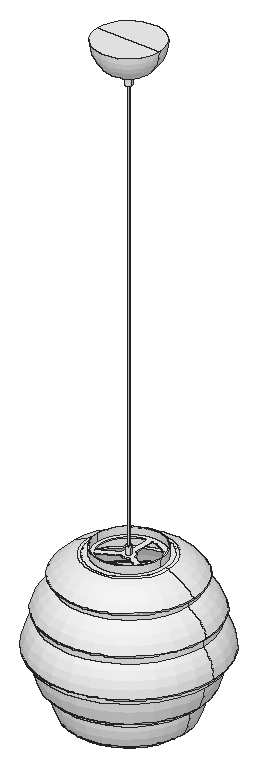
Revit family "Artek_Lighting_Pendant Light A331 “Beehive“_A331 Beehive_quick_ship", category Lighting Fixtures, Revit 2018 (continued)
Definition of nested family "A331"
  Lines and regions (mm)
    symbolic lines, detail levels fine
      curve 576: spline (0, 94.27, 235.593) -> (0, 93.945, 235.797) -> (0, 93.642, 236.396) -> (0, 93.382, 237.348) -> (0, 93.183, 238.588) -> (0, 93.057, 240.033) -> (0, 93.014, 241.583) -> (0, 93.057, 243.134) -> (0, 93.183, 244.578) -> (0, 93.382, 245.819) -> (0, 93.642, 246.771) -> (0, 93.945, 247.369) -> (0, 94.27, 247.573) -> (0, 94.595, 247.369) -> (0, 94.898, 246.771) -> (0, 95.158, 245.819) -> (0, 95.358, 244.578) -> (0, 95.483, 243.134) -> (0, 95.526, 241.583) -> (0, 95.483, 240.033) -> (0, 95.358, 238.588) -> (0, 95.158, 237.348) -> (0, 94.898, 236.396) -> (0, 94.595, 235.797) -> (0, 94.27, 235.593)
      curve 577: spline (0, 98.281, 235.593) -> (0, 97.956, 235.797) -> (0, 97.654, 236.396) -> (0, 97.394, 237.348) -> (0, 97.194, 238.588) -> (0, 97.069, 240.033) -> (0, 97.026, 241.583) -> (0, 97.069, 243.134) -> (0, 97.194, 244.578) -> (0, 97.394, 245.819) -> (0, 97.654, 246.771) -> (0, 97.956, 247.369) -> (0, 98.281, 247.573) -> (0, 98.607, 247.369) -> (0, 98.909, 246.771) -> (0, 99.169, 245.819) -> (0, 99.369, 244.578) -> (0, 99.494, 243.134) -> (0, 99.537, 241.583) -> (0, 99.494, 240.033) -> (0, 99.369, 238.588) -> (0, 99.169, 237.348) -> (0, 98.909, 236.396) -> (0, 98.607, 235.797) -> (0, 98.281, 235.593)
      curve 578: spline (0, 102.293, 235.593) -> (0, 101.968, 235.797) -> (0, 101.665, 236.396) -> (0, 101.405, 237.348) -> (0, 101.205, 238.588) -> (0, 101.08, 240.033) -> (0, 101.037, 241.583) -> (0, 101.08, 243.134) -> (0, 101.205, 244.578) -> (0, 101.405, 245.819) -> (0, 101.665, 246.771) -> (0, 101.968, 247.369) -> (0, 102.293, 247.573) -> (0, 102.618, 247.369) -> (0, 102.921, 246.771) -> (0, 103.181, 245.819) -> (0, 103.38, 244.578) -> (0, 103.506, 243.134) -> (0, 103.549, 241.583) -> (0, 103.506, 240.033) -> (0, 103.38, 238.588) -> (0, 103.181, 237.348) -> (0, 102.921, 236.396) -> (0, 102.618, 235.797) -> (0, 102.293, 235.593)
      curve 579: spline (0, 106.304, 235.593) -> (0, 105.979, 235.797) -> (0, 105.677, 236.396) -> (0, 105.417, 237.348) -> (0, 105.217, 238.588) -> (0, 105.092, 240.033) -> (0, 105.049, 241.583) -> (0, 105.092, 243.134) -> (0, 105.217, 244.578) -> (0, 105.417, 245.819) -> (0, 105.677, 246.771) -> (0, 105.979, 247.369) -> (0, 106.304, 247.573) -> (0, 106.629, 247.369) -> (0, 106.932, 246.771) -> (0, 107.192, 245.819) -> (0, 107.392, 244.578) -> (0, 107.517, 243.134) -> (0, 107.56, 241.583) -> (0, 107.517, 240.033) -> (0, 107.392, 238.588) -> (0, 107.192, 237.348) -> (0, 106.932, 236.396) -> (0, 106.629, 235.797) -> (0, 106.304, 235.593)
      curve 580: spline (0, 110.316, 235.593) -> (0, 109.991, 235.797) -> (0, 109.688, 236.396) -> (0, 109.428, 237.348) -> (0, 109.228, 238.588) -> (0, 109.103, 240.033) -> (0, 109.06, 241.583) -> (0, 109.103, 243.134) -> (0, 109.228, 244.578) -> (0, 109.428, 245.819) -> (0, 109.688, 246.771) -> (0, 109.991, 247.369) -> (0, 110.316, 247.573) -> (0, 110.641, 247.369) -> (0, 110.944, 246.771) -> (0, 111.204, 245.819) -> (0, 111.403, 244.578) -> (0, 111.529, 243.134) -> (0, 111.572, 241.583) -> (0, 111.529, 240.033) -> (0, 111.403, 238.588) -> (0, 111.204, 237.348) -> (0, 110.944, 236.396) -> (0, 110.641, 235.797) -> (0, 110.316, 235.593)
      curve 581: spline (0, 114.327, 235.593) -> (0, 114.002, 235.797) -> (0, 113.7, 236.396) -> (0, 113.44, 237.348) -> (0, 113.24, 238.588) -> (0, 113.115, 240.033) -> (0, 113.072, 241.583) -> (0, 113.115, 243.134) -> (0, 113.24, 244.578) -> (0, 113.44, 245.819) -> (0, 113.7, 246.771) -> (0, 114.002, 247.369) -> (0, 114.327, 247.573) -> (0, 114.652, 247.369) -> (0, 114.955, 246.771) -> (0, 115.215, 245.819) -> (0, 115.415, 244.578) -> (0, 115.54, 243.134) -> (0, 115.583, 241.583) -> (0, 115.54, 240.033) -> (0, 115.415, 238.588) -> (0, 115.215, 237.348) -> (0, 114.955, 236.396) -> (0, 114.652, 235.797) -> (0, 114.327, 235.593)
      curve 582: spline (0, -2.006, 235.593) -> (0, -1.681, 235.797) -> (0, -1.378, 236.396) -> (0, -1.118, 237.348) -> (0, -0.918, 238.588) -> (0, -0.793, 240.033) -> (0, -0.75, 241.583) -> (0, -0.793, 243.134) -> (0, -0.918, 244.578) -> (0, -1.118, 245.819) -> (0, -1.378, 246.771) -> (0, -1.681, 247.369) -> (0, -2.006, 247.573) -> (0, -2.331, 247.369) -> (0, -2.634, 246.771) -> (0, -2.894, 245.819) -> (0, -3.093, 244.578) -> (0, -3.219, 243.134) -> (0, -3.261, 241.583) -> (0, -3.219, 240.033) -> (0, -3.093, 238.588) -> (0, -2.894, 237.348) -> (0, -2.634, 236.396) -> (0, -2.331, 235.797) -> (0, -2.006, 235.593)
      curve 583: spline (0, -6.017, 235.593) -> (0, -5.692, 235.797) -> (0, -5.389, 236.396) -> (0, -5.129, 237.348) -> (0, -4.93, 238.588) -> (0, -4.804, 240.033) -> (0, -4.761, 241.583) -> (0, -4.804, 243.134) -> (0, -4.93, 244.578) -> (0, -5.129, 245.819) -> (0, -5.389, 246.771) -> (0, -5.692, 247.369) -> (0, -6.017, 247.573) -> (0, -6.342, 247.369) -> (0, -6.645, 246.771) -> (0, -6.905, 245.819) -> (0, -7.105, 244.578) -> (0, -7.23, 243.134) -> (0, -7.273, 241.583) -> (0, -7.23, 240.033) -> (0, -7.105, 238.588) -> (0, -6.905, 237.348) -> (0, -6.645, 236.396) -> (0, -6.342, 235.797) -> (0, -6.017, 235.593)
      curve 584: spline (0, -10.029, 235.593) -> (0, -9.704, 235.797) -> (0, -9.401, 236.396) -> (0, -9.141, 237.348) -> (0, -8.941, 238.588) -> (0, -8.816, 240.033) -> (0, -8.773, 241.583) -> (0, -8.816, 243.134) -> (0, -8.941, 244.578) -> (0, -9.141, 245.819) -> (0, -9.401, 246.771) -> (0, -9.704, 247.369) -> (0, -10.029, 247.573) -> (0, -10.354, 247.369) -> (0, -10.657, 246.771) -> (0, -10.917, 245.819) -> (0, -11.116, 244.578) -> (0, -11.242, 243.134) -> (0, -11.284, 241.583) -> (0, -11.242, 240.033) -> (0, -11.116, 238.588) -> (0, -10.917, 237.348) -> (0, -10.657, 236.396) -> (0, -10.354, 235.797) -> (0, -10.029, 235.593)
      curve 585: spline (0, -14.04, 235.593) -> (0, -13.715, 235.797) -> (0, -13.412, 236.396) -> (0, -13.152, 237.348) -> (0, -12.953, 238.588) -> (0, -12.827, 240.033) -> (0, -12.784, 241.583) -> (0, -12.827, 243.134) -> (0, -12.953, 244.578) -> (0, -13.152, 245.819) -> (0, -13.412, 246.771) -> (0, -13.715, 247.369) -> (0, -14.04, 247.573) -> (0, -14.365, 247.369) -> (0, -14.668, 246.771) -> (0, -14.928, 245.819) -> (0, -15.128, 244.578) -> (0, -15.253, 243.134) -> (0, -15.296, 241.583) -> (0, -15.253, 240.033) -> (0, -15.128, 238.588) -> (0, -14.928, 237.348) -> (0, -14.668, 236.396) -> (0, -14.365, 235.797) -> (0, -14.04, 235.593)
      curve 586: spline (0, -18.052, 235.593) -> (0, -17.727, 235.797) -> (0, -17.424, 236.396) -> (0, -17.164, 237.348) -> (0, -16.964, 238.588) -> (0, -16.839, 240.033) -> (0, -16.796, 241.583) -> (0, -16.839, 243.134) -> (0, -16.964, 244.578) -> (0, -17.164, 245.819) -> (0, -17.424, 246.771) -> (0, -17.727, 247.369) -> (0, -18.052, 247.573) -> (0, -18.377, 247.369) -> (0, -18.68, 246.771) -> (0, -18.94, 245.819) -> (0, -19.139, 244.578) -> (0, -19.265, 243.134) -> (0, -19.307, 241.583) -> (0, -19.265, 240.033) -> (0, -19.139, 238.588) -> (0, -18.94, 237.348) -> (0, -18.68, 236.396) -> (0, -18.377, 235.797) -> (0, -18.052, 235.593)
      curve 587: spline (0, -22.063, 235.593) -> (0, -21.738, 235.797) -> (0, -21.435, 236.396) -> (0, -21.175, 237.348) -> (0, -20.976, 238.588) -> (0, -20.85, 240.033) -> (0, -20.807, 241.583) -> (0, -20.85, 243.134) -> (0, -20.976, 244.578) -> (0, -21.175, 245.819) -> (0, -21.435, 246.771) -> (0, -21.738, 247.369) -> (0, -22.063, 247.573) -> (0, -22.388, 247.369) -> (0, -22.691, 246.771) -> (0, -22.951, 245.819) -> (0, -23.151, 244.578) -> (0, -23.276, 243.134) -> (0, -23.319, 241.583) -> (0, -23.276, 240.033) -> (0, -23.151, 238.588) -> (0, -22.951, 237.348) -> (0, -22.691, 236.396) -> (0, -22.388, 235.797) -> (0, -22.063, 235.593)
      curve 588: spline (0, -26.075, 235.593) -> (0, -25.75, 235.797) -> (0, -25.447, 236.396) -> (0, -25.187, 237.348) -> (0, -24.987, 238.588) -> (0, -24.862, 240.033) -> (0, -24.819, 241.583) -> (0, -24.862, 243.134) -> (0, -24.987, 244.578) -> (0, -25.187, 245.819) -> (0, -25.447, 246.771) -> (0, -25.75, 247.369) -> (0, -26.075, 247.573) -> (0, -26.4, 247.369) -> (0, -26.703, 246.771) -> (0, -26.963, 245.819) -> (0, -27.162, 244.578) -> (0, -27.288, 243.134) -> (0, -27.33, 241.583) -> (0, -27.288, 240.033) -> (0, -27.162, 238.588) -> (0, -26.963, 237.348) -> (0, -26.703, 236.396) -> (0, -26.4, 235.797) -> (0, -26.075, 235.593)
      curve 589: spline (0, -30.086, 235.593) -> (0, -29.761, 235.797) -> (0, -29.458, 236.396) -> (0, -29.198, 237.348) -> (0, -28.999, 238.588) -> (0, -28.873, 240.033) -> (0, -28.83, 241.583) -> (0, -28.873, 243.134) -> (0, -28.999, 244.578) -> (0, -29.198, 245.819) -> (0, -29.458, 246.771) -> (0, -29.761, 247.369) -> (0, -30.086, 247.573) -> (0, -30.411, 247.369) -> (0, -30.714, 246.771) -> (0, -30.974, 245.819) -> (0, -31.174, 244.578) -> (0, -31.299, 243.134) -> (0, -31.342, 241.583) -> (0, -31.299, 240.033) -> (0, -31.174, 238.588) -> (0, -30.974, 237.348) -> (0, -30.714, 236.396) -> (0, -30.411, 235.797) -> (0, -30.086, 235.593)
      curve 590: spline (0, -34.098, 235.593) -> (0, -33.773, 235.797) -> (0, -33.47, 236.396) -> (0, -33.21, 237.348) -> (0, -33.01, 238.588) -> (0, -32.885, 240.033) -> (0, -32.842, 241.583) -> (0, -32.885, 243.134) -> (0, -33.01, 244.578) -> (0, -33.21, 245.819) -> (0, -33.47, 246.771) -> (0, -33.773, 247.369) -> (0, -34.098, 247.573) -> (0, -34.423, 247.369) -> (0, -34.726, 246.771) -> (0, -34.986, 245.819) -> (0, -35.185, 244.578) -> (0, -35.311, 243.134) -> (0, -35.353, 241.583) -> (0, -35.311, 240.033) -> (0, -35.185, 238.588) -> (0, -34.986, 237.348) -> (0, -34.726, 236.396) -> (0, -34.423, 235.797) -> (0, -34.098, 235.593)
      curve 591: spline (0, -38.109, 235.593) -> (0, -37.784, 235.797) -> (0, -37.481, 236.396) -> (0, -37.221, 237.348) -> (0, -37.022, 238.588) -> (0, -36.896, 240.033) -> (0, -36.853, 241.583) -> (0, -36.896, 243.134) -> (0, -37.022, 244.578) -> (0, -37.221, 245.819) -> (0, -37.481, 246.771) -> (0, -37.784, 247.369) -> (0, -38.109, 247.573) -> (0, -38.434, 247.369) -> (0, -38.737, 246.771) -> (0, -38.997, 245.819) -> (0, -39.197, 244.578) -> (0, -39.322, 243.134) -> (0, -39.365, 241.583) -> (0, -39.322, 240.033) -> (0, -39.197, 238.588) -> (0, -38.997, 237.348) -> (0, -38.737, 236.396) -> (0, -38.434, 235.797) -> (0, -38.109, 235.593)
      curve 592: spline (0, -42.121, 235.593) -> (0, -41.796, 235.797) -> (0, -41.493, 236.396) -> (0, -41.233, 237.348) -> (0, -41.033, 238.588) -> (0, -40.908, 240.033) -> (0, -40.865, 241.583) -> (0, -40.908, 243.134) -> (0, -41.033, 244.578) -> (0, -41.233, 245.819) -> (0, -41.493, 246.771) -> (0, -41.796, 247.369) -> (0, -42.121, 247.573) -> (0, -42.446, 247.369) -> (0, -42.749, 246.771) -> (0, -43.009, 245.819) -> (0, -43.208, 244.578) -> (0, -43.334, 243.134) -> (0, -43.376, 241.583) -> (0, -43.334, 240.033) -> (0, -43.208, 238.588) -> (0, -43.009, 237.348) -> (0, -42.749, 236.396) -> (0, -42.446, 235.797) -> (0, -42.121, 235.593)
      curve 593: spline (0, -46.132, 235.593) -> (0, -45.807, 235.797) -> (0, -45.504, 236.396) -> (0, -45.244, 237.348) -> (0, -45.045, 238.588) -> (0, -44.919, 240.033) -> (0, -44.876, 241.583) -> (0, -44.919, 243.134) -> (0, -45.045, 244.578) -> (0, -45.244, 245.819) -> (0, -45.504, 246.771) -> (0, -45.807, 247.369) -> (0, -46.132, 247.573) -> (0, -46.457, 247.369) -> (0, -46.76, 246.771) -> (0, -47.02, 245.819) -> (0, -47.22, 244.578) -> (0, -47.345, 243.134) -> (0, -47.388, 241.583) -> (0, -47.345, 240.033) -> (0, -47.22, 238.588) -> (0, -47.02, 237.348) -> (0, -46.76, 236.396) -> (0, -46.457, 235.797) -> (0, -46.132, 235.593)
      curve 594: spline (0, -50.144, 235.593) -> (0, -49.819, 235.797) -> (0, -49.516, 236.396) -> (0, -49.256, 237.348) -> (0, -49.056, 238.588) -> (0, -48.931, 240.033) -> (0, -48.888, 241.583) -> (0, -48.931, 243.134) -> (0, -49.056, 244.578) -> (0, -49.256, 245.819) -> (0, -49.516, 246.771) -> (0, -49.819, 247.369) -> (0, -50.144, 247.573) -> (0, -50.469, 247.369) -> (0, -50.771, 246.771) -> (0, -51.032, 245.819) -> (0, -51.231, 244.578) -> (0, -51.357, 243.134) -> (0, -51.399, 241.583) -> (0, -51.357, 240.033) -> (0, -51.231, 238.588) -> (0, -51.032, 237.348) -> (0, -50.771, 236.396) -> (0, -50.469, 235.797) -> (0, -50.144, 235.593)
      curve 595: spline (0, -54.155, 235.593) -> (0, -53.83, 235.797) -> (0, -53.527, 236.396) -> (0, -53.267, 237.348) -> (0, -53.068, 238.588) -> (0, -52.942, 240.033) -> (0, -52.899, 241.583) -> (0, -52.942, 243.134) -> (0, -53.068, 244.578) -> (0, -53.267, 245.819) -> (0, -53.527, 246.771) -> (0, -53.83, 247.369) -> (0, -54.155, 247.573) -> (0, -54.48, 247.369) -> (0, -54.783, 246.771) -> (0, -55.043, 245.819) -> (0, -55.243, 244.578) -> (0, -55.368, 243.134) -> (0, -55.411, 241.583) -> (0, -55.368, 240.033) -> (0, -55.243, 238.588) -> (0, -55.043, 237.348) -> (0, -54.783, 236.396) -> (0, -54.48, 235.797) -> (0, -54.155, 235.593)
      curve 596: spline (0, -58.167, 235.593) -> (0, -57.842, 235.797) -> (0, -57.539, 236.396) -> (0, -57.279, 237.348) -> (0, -57.079, 238.588) -> (0, -56.954, 240.033) -> (0, -56.911, 241.583) -> (0, -56.954, 243.134) -> (0, -57.079, 244.578) -> (0, -57.279, 245.819) -> (0, -57.539, 246.771) -> (0, -57.842, 247.369) -> (0, -58.167, 247.573) -> (0, -58.492, 247.369) -> (0, -58.794, 246.771) -> (0, -59.055, 245.819) -> (0, -59.254, 244.578) -> (0, -59.38, 243.134) -> (0, -59.422, 241.583) -> (0, -59.38, 240.033) -> (0, -59.254, 238.588) -> (0, -59.055, 237.348) -> (0, -58.794, 236.396) -> (0, -58.492, 235.797) -> (0, -58.167, 235.593)
      curve 597: spline (0, -62.178, 235.593) -> (0, -61.853, 235.797) -> (0, -61.55, 236.396) -> (0, -61.29, 237.348) -> (0, -61.091, 238.588) -> (0, -60.965, 240.033) -> (0, -60.922, 241.583) -> (0, -60.965, 243.134) -> (0, -61.091, 244.578) -> (0, -61.29, 245.819) -> (0, -61.55, 246.771) -> (0, -61.853, 247.369) -> (0, -62.178, 247.573) -> (0, -62.503, 247.369) -> (0, -62.806, 246.771) -> (0, -63.066, 245.819) -> (0, -63.266, 244.578) -> (0, -63.391, 243.134) -> (0, -63.434, 241.583) -> (0, -63.391, 240.033) -> (0, -63.266, 238.588) -> (0, -63.066, 237.348) -> (0, -62.806, 236.396) -> (0, -62.503, 235.797) -> (0, -62.178, 235.593)
      curve 598: spline (0, -66.19, 235.593) -> (0, -65.865, 235.797) -> (0, -65.562, 236.396) -> (0, -65.302, 237.348) -> (0, -65.102, 238.588) -> (0, -64.977, 240.033) -> (0, -64.934, 241.583) -> (0, -64.977, 243.134) -> (0, -65.102, 244.578) -> (0, -65.302, 245.819) -> (0, -65.562, 246.771) -> (0, -65.865, 247.369) -> (0, -66.19, 247.573) -> (0, -66.515, 247.369) -> (0, -66.817, 246.771) -> (0, -67.078, 245.819) -> (0, -67.277, 244.578) -> (0, -67.403, 243.134) -> (0, -67.445, 241.583) -> (0, -67.403, 240.033) -> (0, -67.277, 238.588) -> (0, -67.078, 237.348) -> (0, -66.817, 236.396) -> (0, -66.515, 235.797) -> (0, -66.19, 235.593)
      curve 599: spline (0, -70.201, 235.593) -> (0, -69.876, 235.797) -> (0, -69.573, 236.396) -> (0, -69.313, 237.348) -> (0, -69.114, 238.588) -> (0, -68.988, 240.033) -> (0, -68.945, 241.583) -> (0, -68.988, 243.134) -> (0, -69.114, 244.578) -> (0, -69.313, 245.819) -> (0, -69.573, 246.771) -> (0, -69.876, 247.369) -> (0, -70.201, 247.573) -> (0, -70.526, 247.369) -> (0, -70.829, 246.771) -> (0, -71.089, 245.819) -> (0, -71.289, 244.578) -> (0, -71.414, 243.134) -> (0, -71.457, 241.583) -> (0, -71.414, 240.033) -> (0, -71.289, 238.588) -> (0, -71.089, 237.348) -> (0, -70.829, 236.396) -> (0, -70.526, 235.797) -> (0, -70.201, 235.593)
      curve 600: spline (0, -74.213, 235.593) -> (0, -73.888, 235.797) -> (0, -73.585, 236.396) -> (0, -73.325, 237.348) -> (0, -73.125, 238.588) -> (0, -73, 240.033) -> (0, -72.957, 241.583) -> (0, -73, 243.134) -> (0, -73.125, 244.578) -> (0, -73.325, 245.819) -> (0, -73.585, 246.771) -> (0, -73.888, 247.369) -> (0, -74.213, 247.573) -> (0, -74.538, 247.369) -> (0, -74.84, 246.771) -> (0, -75.101, 245.819) -> (0, -75.3, 244.578) -> (0, -75.426, 243.134) -> (0, -75.468, 241.583) -> (0, -75.426, 240.033) -> (0, -75.3, 238.588) -> (0, -75.101, 237.348) -> (0, -74.84, 236.396) -> (0, -74.538, 235.797) -> (0, -74.213, 235.593)
      curve 601: spline (0, -78.224, 235.593) -> (0, -77.899, 235.797) -> (0, -77.596, 236.396) -> (0, -77.336, 237.348) -> (0, -77.137, 238.588) -> (0, -77.011, 240.033) -> (0, -76.968, 241.583) -> (0, -77.011, 243.134) -> (0, -77.137, 244.578) -> (0, -77.336, 245.819) -> (0, -77.596, 246.771) -> (0, -77.899, 247.369) -> (0, -78.224, 247.573) -> (0, -78.549, 247.369) -> (0, -78.852, 246.771) -> (0, -79.112, 245.819) -> (0, -79.312, 244.578) -> (0, -79.437, 243.134) -> (0, -79.48, 241.583) -> (0, -79.437, 240.033) -> (0, -79.312, 238.588) -> (0, -79.112, 237.348) -> (0, -78.852, 236.396) -> (0, -78.549, 235.797) -> (0, -78.224, 235.593)
      curve 602: spline (0, -82.236, 235.593) -> (0, -81.911, 235.797) -> (0, -81.608, 236.396) -> (0, -81.348, 237.348) -> (0, -81.148, 238.588) -> (0, -81.023, 240.033) -> (0, -80.98, 241.583) -> (0, -81.023, 243.134) -> (0, -81.148, 244.578) -> (0, -81.348, 245.819) -> (0, -81.608, 246.771) -> (0, -81.911, 247.369) -> (0, -82.236, 247.573) -> (0, -82.561, 247.369) -> (0, -82.863, 246.771) -> (0, -83.123, 245.819) -> (0, -83.323, 244.578) -> (0, -83.448, 243.134) -> (0, -83.491, 241.583) -> (0, -83.448, 240.033) -> (0, -83.323, 238.588) -> (0, -83.123, 237.348) -> (0, -82.863, 236.396) -> (0, -82.561, 235.797) -> (0, -82.236, 235.593)
      curve 603: spline (0, -86.247, 235.593) -> (0, -85.922, 235.797) -> (0, -85.619, 236.396) -> (0, -85.359, 237.348) -> (0, -85.16, 238.588) -> (0, -85.034, 240.033) -> (0, -84.991, 241.583) -> (0, -85.034, 243.134) -> (0, -85.16, 244.578) -> (0, -85.359, 245.819) -> (0, -85.619, 246.771) -> (0, -85.922, 247.369) -> (0, -86.247, 247.573) -> (0, -86.572, 247.369) -> (0, -86.875, 246.771) -> (0, -87.135, 245.819) -> (0, -87.335, 244.578) -> (0, -87.46, 243.134) -> (0, -87.503, 241.583) -> (0, -87.46, 240.033) -> (0, -87.335, 238.588) -> (0, -87.135, 237.348) -> (0, -86.875, 236.396) -> (0, -86.572, 235.797) -> (0, -86.247, 235.593)
      curve 604: spline (0, -90.259, 235.593) -> (0, -89.934, 235.797) -> (0, -89.631, 236.396) -> (0, -89.371, 237.348) -> (0, -89.171, 238.588) -> (0, -89.046, 240.033) -> (0, -89.003, 241.583) -> (0, -89.046, 243.134) -> (0, -89.171, 244.578) -> (0, -89.371, 245.819) -> (0, -89.631, 246.771) -> (0, -89.934, 247.369) -> (0, -90.259, 247.573) -> (0, -90.584, 247.369) -> (0, -90.886, 246.771) -> (0, -91.146, 245.819) -> (0, -91.346, 244.578) -> (0, -91.471, 243.134) -> (0, -91.514, 241.583) -> (0, -91.471, 240.033) -> (0, -91.346, 238.588) -> (0, -91.146, 237.348) -> (0, -90.886, 236.396) -> (0, -90.584, 235.797) -> (0, -90.259, 235.593)
      curve 605: spline (0, -94.27, 235.593) -> (0, -93.945, 235.797) -> (0, -93.642, 236.396) -> (0, -93.382, 237.348) -> (0, -93.183, 238.588) -> (0, -93.057, 240.033) -> (0, -93.014, 241.583) -> (0, -93.057, 243.134) -> (0, -93.183, 244.578) -> (0, -93.382, 245.819) -> (0, -93.642, 246.771) -> (0, -93.945, 247.369) -> (0, -94.27, 247.573) -> (0, -94.595, 247.369) -> (0, -94.898, 246.771) -> (0, -95.158, 245.819) -> (0, -95.358, 244.578) -> (0, -95.483, 243.134) -> (0, -95.526, 241.583) -> (0, -95.483, 240.033) -> (0, -95.358, 238.588) -> (0, -95.158, 237.348) -> (0, -94.898, 236.396) -> (0, -94.595, 235.797) -> (0, -94.27, 235.593)
      curve 606: spline (0, -98.281, 235.593) -> (0, -97.956, 235.797) -> (0, -97.654, 236.396) -> (0, -97.394, 237.348) -> (0, -97.194, 238.588) -> (0, -97.069, 240.033) -> (0, -97.026, 241.583) -> (0, -97.069, 243.134) -> (0, -97.194, 244.578) -> (0, -97.394, 245.819) -> (0, -97.654, 246.771) -> (0, -97.956, 247.369) -> (0, -98.281, 247.573) -> (0, -98.607, 247.369) -> (0, -98.909, 246.771) -> (0, -99.169, 245.819) -> (0, -99.369, 244.578) -> (0, -99.494, 243.134) -> (0, -99.537, 241.583) -> (0, -99.494, 240.033) -> (0, -99.369, 238.588) -> (0, -99.169, 237.348) -> (0, -98.909, 236.396) -> (0, -98.607, 235.797) -> (0, -98.281, 235.593)
      curve 607: spline (0, -102.293, 235.593) -> (0, -101.968, 235.797) -> (0, -101.665, 236.396) -> (0, -101.405, 237.348) -> (0, -101.205, 238.588) -> (0, -101.08, 240.033) -> (0, -101.037, 241.583) -> (0, -101.08, 243.134) -> (0, -101.205, 244.578) -> (0, -101.405, 245.819) -> (0, -101.665, 246.771) -> (0, -101.968, 247.369) -> (0, -102.293, 247.573) -> (0, -102.618, 247.369) -> (0, -102.921, 246.771) -> (0, -103.181, 245.819) -> (0, -103.38, 244.578) -> (0, -103.506, 243.134) -> (0, -103.549, 241.583) -> (0, -103.506, 240.033) -> (0, -103.38, 238.588) -> (0, -103.181, 237.348) -> (0, -102.921, 236.396) -> (0, -102.618, 235.797) -> (0, -102.293, 235.593)
      curve 608: spline (0, -106.304, 235.593) -> (0, -105.979, 235.797) -> (0, -105.677, 236.396) -> (0, -105.417, 237.348) -> (0, -105.217, 238.588) -> (0, -105.092, 240.033) -> (0, -105.049, 241.583) -> (0, -105.092, 243.134) -> (0, -105.217, 244.578) -> (0, -105.417, 245.819) -> (0, -105.677, 246.771) -> (0, -105.979, 247.369) -> (0, -106.304, 247.573) -> (0, -106.629, 247.369) -> (0, -106.932, 246.771) -> (0, -107.192, 245.819) -> (0, -107.392, 244.578) -> (0, -107.517, 243.134) -> (0, -107.56, 241.583) -> (0, -107.517, 240.033) -> (0, -107.392, 238.588) -> (0, -107.192, 237.348) -> (0, -106.932, 236.396) -> (0, -106.629, 235.797) -> (0, -106.304, 235.593)
      curve 609: spline (0, -110.316, 235.593) -> (0, -109.991, 235.797) -> (0, -109.688, 236.396) -> (0, -109.428, 237.348) -> (0, -109.228, 238.588) -> (0, -109.103, 240.033) -> (0, -109.06, 241.583) -> (0, -109.103, 243.134) -> (0, -109.228, 244.578) -> (0, -109.428, 245.819) -> (0, -109.688, 246.771) -> (0, -109.991, 247.369) -> (0, -110.316, 247.573) -> (0, -110.641, 247.369) -> (0, -110.944, 246.771) -> (0, -111.204, 245.819) -> (0, -111.403, 244.578) -> (0, -111.529, 243.134) -> (0, -111.572, 241.583) -> (0, -111.529, 240.033) -> (0, -111.403, 238.588) -> (0, -111.204, 237.348) -> (0, -110.944, 236.396) -> (0, -110.641, 235.797) -> (0, -110.316, 235.593)
      curve 610: spline (0, -114.327, 235.593) -> (0, -114.002, 235.797) -> (0, -113.7, 236.396) -> (0, -113.44, 237.348) -> (0, -113.24, 238.588) -> (0, -113.115, 240.033) -> (0, -113.072, 241.583) -> (0, -113.115, 243.134) -> (0, -113.24, 244.578) -> (0, -113.44, 245.819) -> (0, -113.7, 246.771) -> (0, -114.002, 247.369) -> (0, -114.327, 247.573) -> (0, -114.652, 247.369) -> (0, -114.955, 246.771) -> (0, -115.215, 245.819) -> (0, -115.415, 244.578) -> (0, -115.54, 243.134) -> (0, -115.583, 241.583) -> (0, -115.54, 240.033) -> (0, -115.415, 238.588) -> (0, -115.215, 237.348) -> (0, -114.955, 236.396) -> (0, -114.652, 235.797) -> (0, -114.327, 235.593)
      curve 611: spline (0, 2.006, 175.593) -> (0, 1.681, 175.797) -> (0, 1.378, 176.396) -> (0, 1.118, 177.348) -> (0, 0.918, 178.588) -> (0, 0.793, 180.033) -> (0, 0.75, 181.583) -> (0, 0.793, 183.134) -> (0, 0.918, 184.578) -> (0, 1.118, 185.819) -> (0, 1.378, 186.771) -> (0, 1.681, 187.369) -> (0, 2.006, 187.573) -> (0, 2.331, 187.369) -> (0, 2.634, 186.771) -> (0, 2.894, 185.819) -> (0, 3.093, 184.578) -> (0, 3.219, 183.134) -> (0, 3.261, 181.583) -> (0, 3.219, 180.033) -> (0, 3.093, 178.588) -> (0, 2.894, 177.348) -> (0, 2.634, 176.396) -> (0, 2.331, 175.797) -> (0, 2.006, 175.593)
      curve 612: spline (0, 6.017, 175.593) -> (0, 5.692, 175.797) -> (0, 5.389, 176.396) -> (0, 5.129, 177.348) -> (0, 4.93, 178.588) -> (0, 4.804, 180.033) -> (0, 4.761, 181.583) -> (0, 4.804, 183.134) -> (0, 4.93, 184.578) -> (0, 5.129, 185.819) -> (0, 5.389, 186.771) -> (0, 5.692, 187.369) -> (0, 6.017, 187.573) -> (0, 6.342, 187.369) -> (0, 6.645, 186.771) -> (0, 6.905, 185.819) -> (0, 7.105, 184.578) -> (0, 7.23, 183.134) -> (0, 7.273, 181.583) -> (0, 7.23, 180.033) -> (0, 7.105, 178.588) -> (0, 6.905, 177.348) -> (0, 6.645, 176.396) -> (0, 6.342, 175.797) -> (0, 6.017, 175.593)
      curve 613: spline (0, 10.029, 175.593) -> (0, 9.704, 175.797) -> (0, 9.401, 176.396) -> (0, 9.141, 177.348) -> (0, 8.941, 178.588) -> (0, 8.816, 180.033) -> (0, 8.773, 181.583) -> (0, 8.816, 183.134) -> (0, 8.941, 184.578) -> (0, 9.141, 185.819) -> (0, 9.401, 186.771) -> (0, 9.704, 187.369) -> (0, 10.029, 187.573) -> (0, 10.354, 187.369) -> (0, 10.657, 186.771) -> (0, 10.917, 185.819) -> (0, 11.116, 184.578) -> (0, 11.242, 183.134) -> (0, 11.284, 181.583) -> (0, 11.242, 180.033) -> (0, 11.116, 178.588) -> (0, 10.917, 177.348) -> (0, 10.657, 176.396) -> (0, 10.354, 175.797) -> (0, 10.029, 175.593)
      curve 614: spline (0, 14.04, 175.593) -> (0, 13.715, 175.797) -> (0, 13.412, 176.396) -> (0, 13.152, 177.348) -> (0, 12.953, 178.588) -> (0, 12.827, 180.033) -> (0, 12.784, 181.583) -> (0, 12.827, 183.134) -> (0, 12.953, 184.578) -> (0, 13.152, 185.819) -> (0, 13.412, 186.771) -> (0, 13.715, 187.369) -> (0, 14.04, 187.573) -> (0, 14.365, 187.369) -> (0, 14.668, 186.771) -> (0, 14.928, 185.819) -> (0, 15.128, 184.578) -> (0, 15.253, 183.134) -> (0, 15.296, 181.583) -> (0, 15.253, 180.033) -> (0, 15.128, 178.588) -> (0, 14.928, 177.348) -> (0, 14.668, 176.396) -> (0, 14.365, 175.797) -> (0, 14.04, 175.593)
      curve 615: spline (0, 18.052, 175.593) -> (0, 17.727, 175.797) -> (0, 17.424, 176.396) -> (0, 17.164, 177.348) -> (0, 16.964, 178.588) -> (0, 16.839, 180.033) -> (0, 16.796, 181.583) -> (0, 16.839, 183.134) -> (0, 16.964, 184.578) -> (0, 17.164, 185.819) -> (0, 17.424, 186.771) -> (0, 17.727, 187.369) -> (0, 18.052, 187.573) -> (0, 18.377, 187.369) -> (0, 18.68, 186.771) -> (0, 18.94, 185.819) -> (0, 19.139, 184.578) -> (0, 19.265, 183.134) -> (0, 19.307, 181.583) -> (0, 19.265, 180.033) -> (0, 19.139, 178.588) -> (0, 18.94, 177.348) -> (0, 18.68, 176.396) -> (0, 18.377, 175.797) -> (0, 18.052, 175.593)
      curve 616: spline (0, 22.063, 175.593) -> (0, 21.738, 175.797) -> (0, 21.435, 176.396) -> (0, 21.175, 177.348) -> (0, 20.976, 178.588) -> (0, 20.85, 180.033) -> (0, 20.807, 181.583) -> (0, 20.85, 183.134) -> (0, 20.976, 184.578) -> (0, 21.175, 185.819) -> (0, 21.435, 186.771) -> (0, 21.738, 187.369) -> (0, 22.063, 187.573) -> (0, 22.388, 187.369) -> (0, 22.691, 186.771) -> (0, 22.951, 185.819) -> (0, 23.151, 184.578) -> (0, 23.276, 183.134) -> (0, 23.319, 181.583) -> (0, 23.276, 180.033) -> (0, 23.151, 178.588) -> (0, 22.951, 177.348) -> (0, 22.691, 176.396) -> (0, 22.388, 175.797) -> (0, 22.063, 175.593)
      curve 617: spline (0, 26.075, 175.593) -> (0, 25.75, 175.797) -> (0, 25.447, 176.396) -> (0, 25.187, 177.348) -> (0, 24.987, 178.588) -> (0, 24.862, 180.033) -> (0, 24.819, 181.583) -> (0, 24.862, 183.134) -> (0, 24.987, 184.578) -> (0, 25.187, 185.819) -> (0, 25.447, 186.771) -> (0, 25.75, 187.369) -> (0, 26.075, 187.573) -> (0, 26.4, 187.369) -> (0, 26.703, 186.771) -> (0, 26.963, 185.819) -> (0, 27.162, 184.578) -> (0, 27.288, 183.134) -> (0, 27.33, 181.583) -> (0, 27.288, 180.033) -> (0, 27.162, 178.588) -> (0, 26.963, 177.348) -> (0, 26.703, 176.396) -> (0, 26.4, 175.797) -> (0, 26.075, 175.593)
      curve 618: spline (0, 30.086, 175.593) -> (0, 29.761, 175.797) -> (0, 29.458, 176.396) -> (0, 29.198, 177.348) -> (0, 28.999, 178.588) -> (0, 28.873, 180.033) -> (0, 28.83, 181.583) -> (0, 28.873, 183.134) -> (0, 28.999, 184.578) -> (0, 29.198, 185.819) -> (0, 29.458, 186.771) -> (0, 29.761, 187.369) -> (0, 30.086, 187.573) -> (0, 30.411, 187.369) -> (0, 30.714, 186.771) -> (0, 30.974, 185.819) -> (0, 31.174, 184.578) -> (0, 31.299, 183.134) -> (0, 31.342, 181.583) -> (0, 31.299, 180.033) -> (0, 31.174, 178.588) -> (0, 30.974, 177.348) -> (0, 30.714, 176.396) -> (0, 30.411, 175.797) -> (0, 30.086, 175.593)
      curve 619: spline (0, 34.098, 175.593) -> (0, 33.773, 175.797) -> (0, 33.47, 176.396) -> (0, 33.21, 177.348) -> (0, 33.01, 178.588) -> (0, 32.885, 180.033) -> (0, 32.842, 181.583) -> (0, 32.885, 183.134) -> (0, 33.01, 184.578) -> (0, 33.21, 185.819) -> (0, 33.47, 186.771) -> (0, 33.773, 187.369) -> (0, 34.098, 187.573) -> (0, 34.423, 187.369) -> (0, 34.726, 186.771) -> (0, 34.986, 185.819) -> (0, 35.185, 184.578) -> (0, 35.311, 183.134) -> (0, 35.353, 181.583) -> (0, 35.311, 180.033) -> (0, 35.185, 178.588) -> (0, 34.986, 177.348) -> (0, 34.726, 176.396) -> (0, 34.423, 175.797) -> (0, 34.098, 175.593)
      curve 620: spline (0, 38.109, 175.593) -> (0, 37.784, 175.797) -> (0, 37.481, 176.396) -> (0, 37.221, 177.348) -> (0, 37.022, 178.588) -> (0, 36.896, 180.033) -> (0, 36.853, 181.583) -> (0, 36.896, 183.134) -> (0, 37.022, 184.578) -> (0, 37.221, 185.819) -> (0, 37.481, 186.771) -> (0, 37.784, 187.369) -> (0, 38.109, 187.573) -> (0, 38.434, 187.369) -> (0, 38.737, 186.771) -> (0, 38.997, 185.819) -> (0, 39.197, 184.578) -> (0, 39.322, 183.134) -> (0, 39.365, 181.583) -> (0, 39.322, 180.033) -> (0, 39.197, 178.588) -> (0, 38.997, 177.348) -> (0, 38.737, 176.396) -> (0, 38.434, 175.797) -> (0, 38.109, 175.593)
      curve 621: spline (0, 42.121, 175.593) -> (0, 41.796, 175.797) -> (0, 41.493, 176.396) -> (0, 41.233, 177.348) -> (0, 41.033, 178.588) -> (0, 40.908, 180.033) -> (0, 40.865, 181.583) -> (0, 40.908, 183.134) -> (0, 41.033, 184.578) -> (0, 41.233, 185.819) -> (0, 41.493, 186.771) -> (0, 41.796, 187.369) -> (0, 42.121, 187.573) -> (0, 42.446, 187.369) -> (0, 42.749, 186.771) -> (0, 43.009, 185.819) -> (0, 43.208, 184.578) -> (0, 43.334, 183.134) -> (0, 43.376, 181.583) -> (0, 43.334, 180.033) -> (0, 43.208, 178.588) -> (0, 43.009, 177.348) -> (0, 42.749, 176.396) -> (0, 42.446, 175.797) -> (0, 42.121, 175.593)
      curve 622: spline (0, 46.132, 175.593) -> (0, 45.807, 175.797) -> (0, 45.504, 176.396) -> (0, 45.244, 177.348) -> (0, 45.045, 178.588) -> (0, 44.919, 180.033) -> (0, 44.876, 181.583) -> (0, 44.919, 183.134) -> (0, 45.045, 184.578) -> (0, 45.244, 185.819) -> (0, 45.504, 186.771) -> (0, 45.807, 187.369) -> (0, 46.132, 187.573) -> (0, 46.457, 187.369) -> (0, 46.76, 186.771) -> (0, 47.02, 185.819) -> (0, 47.22, 184.578) -> (0, 47.345, 183.134) -> (0, 47.388, 181.583) -> (0, 47.345, 180.033) -> (0, 47.22, 178.588) -> (0, 47.02, 177.348) -> (0, 46.76, 176.396) -> (0, 46.457, 175.797) -> (0, 46.132, 175.593)
      curve 623: spline (0, 50.144, 175.593) -> (0, 49.819, 175.797) -> (0, 49.516, 176.396) -> (0, 49.256, 177.348) -> (0, 49.056, 178.588) -> (0, 48.931, 180.033) -> (0, 48.888, 181.583) -> (0, 48.931, 183.134) -> (0, 49.056, 184.578) -> (0, 49.256, 185.819) -> (0, 49.516, 186.771) -> (0, 49.819, 187.369) -> (0, 50.144, 187.573) -> (0, 50.469, 187.369) -> (0, 50.771, 186.771) -> (0, 51.032, 185.819) -> (0, 51.231, 184.578) -> (0, 51.357, 183.134) -> (0, 51.399, 181.583) -> (0, 51.357, 180.033) -> (0, 51.231, 178.588) -> (0, 51.032, 177.348) -> (0, 50.771, 176.396) -> (0, 50.469, 175.797) -> (0, 50.144, 175.593)
      curve 624: spline (0, 54.155, 175.593) -> (0, 53.83, 175.797) -> (0, 53.527, 176.396) -> (0, 53.267, 177.348) -> (0, 53.068, 178.588) -> (0, 52.942, 180.033) -> (0, 52.899, 181.583) -> (0, 52.942, 183.134) -> (0, 53.068, 184.578) -> (0, 53.267, 185.819) -> (0, 53.527, 186.771) -> (0, 53.83, 187.369) -> (0, 54.155, 187.573) -> (0, 54.48, 187.369) -> (0, 54.783, 186.771) -> (0, 55.043, 185.819) -> (0, 55.243, 184.578) -> (0, 55.368, 183.134) -> (0, 55.411, 181.583) -> (0, 55.368, 180.033) -> (0, 55.243, 178.588) -> (0, 55.043, 177.348) -> (0, 54.783, 176.396) -> (0, 54.48, 175.797) -> (0, 54.155, 175.593)
      curve 625: spline (0, 58.167, 175.593) -> (0, 57.842, 175.797) -> (0, 57.539, 176.396) -> (0, 57.279, 177.348) -> (0, 57.079, 178.588) -> (0, 56.954, 180.033) -> (0, 56.911, 181.583) -> (0, 56.954, 183.134) -> (0, 57.079, 184.578) -> (0, 57.279, 185.819) -> (0, 57.539, 186.771) -> (0, 57.842, 187.369) -> (0, 58.167, 187.573) -> (0, 58.492, 187.369) -> (0, 58.794, 186.771) -> (0, 59.055, 185.819) -> (0, 59.254, 184.578) -> (0, 59.38, 183.134) -> (0, 59.422, 181.583) -> (0, 59.38, 180.033) -> (0, 59.254, 178.588) -> (0, 59.055, 177.348) -> (0, 58.794, 176.396) -> (0, 58.492, 175.797) -> (0, 58.167, 175.593)
      curve 626: spline (0, 62.178, 175.593) -> (0, 61.853, 175.797) -> (0, 61.55, 176.396) -> (0, 61.29, 177.348) -> (0, 61.091, 178.588) -> (0, 60.965, 180.033) -> (0, 60.922, 181.583) -> (0, 60.965, 183.134) -> (0, 61.091, 184.578) -> (0, 61.29, 185.819) -> (0, 61.55, 186.771) -> (0, 61.853, 187.369) -> (0, 62.178, 187.573) -> (0, 62.503, 187.369) -> (0, 62.806, 186.771) -> (0, 63.066, 185.819) -> (0, 63.266, 184.578) -> (0, 63.391, 183.134) -> (0, 63.434, 181.583) -> (0, 63.391, 180.033) -> (0, 63.266, 178.588) -> (0, 63.066, 177.348) -> (0, 62.806, 176.396) -> (0, 62.503, 175.797) -> (0, 62.178, 175.593)
      curve 627: spline (0, 66.19, 175.593) -> (0, 65.865, 175.797) -> (0, 65.562, 176.396) -> (0, 65.302, 177.348) -> (0, 65.102, 178.588) -> (0, 64.977, 180.033) -> (0, 64.934, 181.583) -> (0, 64.977, 183.134) -> (0, 65.102, 184.578) -> (0, 65.302, 185.819) -> (0, 65.562, 186.771) -> (0, 65.865, 187.369) -> (0, 66.19, 187.573) -> (0, 66.515, 187.369) -> (0, 66.817, 186.771) -> (0, 67.078, 185.819) -> (0, 67.277, 184.578) -> (0, 67.403, 183.134) -> (0, 67.445, 181.583) -> (0, 67.403, 180.033) -> (0, 67.277, 178.588) -> (0, 67.078, 177.348) -> (0, 66.817, 176.396) -> (0, 66.515, 175.797) -> (0, 66.19, 175.593)
      curve 628: spline (0, 70.201, 175.593) -> (0, 69.876, 175.797) -> (0, 69.573, 176.396) -> (0, 69.313, 177.348) -> (0, 69.114, 178.588) -> (0, 68.988, 180.033) -> (0, 68.945, 181.583) -> (0, 68.988, 183.134) -> (0, 69.114, 184.578) -> (0, 69.313, 185.819) -> (0, 69.573, 186.771) -> (0, 69.876, 187.369) -> (0, 70.201, 187.573) -> (0, 70.526, 187.369) -> (0, 70.829, 186.771) -> (0, 71.089, 185.819) -> (0, 71.289, 184.578) -> (0, 71.414, 183.134) -> (0, 71.457, 181.583) -> (0, 71.414, 180.033) -> (0, 71.289, 178.588) -> (0, 71.089, 177.348) -> (0, 70.829, 176.396) -> (0, 70.526, 175.797) -> (0, 70.201, 175.593)
      curve 629: spline (0, 74.213, 175.593) -> (0, 73.888, 175.797) -> (0, 73.585, 176.396) -> (0, 73.325, 177.348) -> (0, 73.125, 178.588) -> (0, 73, 180.033) -> (0, 72.957, 181.583) -> (0, 73, 183.134) -> (0, 73.125, 184.578) -> (0, 73.325, 185.819) -> (0, 73.585, 186.771) -> (0, 73.888, 187.369) -> (0, 74.213, 187.573) -> (0, 74.538, 187.369) -> (0, 74.84, 186.771) -> (0, 75.101, 185.819) -> (0, 75.3, 184.578) -> (0, 75.426, 183.134) -> (0, 75.468, 181.583) -> (0, 75.426, 180.033) -> (0, 75.3, 178.588) -> (0, 75.101, 177.348) -> (0, 74.84, 176.396) -> (0, 74.538, 175.797) -> (0, 74.213, 175.593)
      curve 630: spline (0, 78.224, 175.593) -> (0, 77.899, 175.797) -> (0, 77.596, 176.396) -> (0, 77.336, 177.348) -> (0, 77.137, 178.588) -> (0, 77.011, 180.033) -> (0, 76.968, 181.583) -> (0, 77.011, 183.134) -> (0, 77.137, 184.578) -> (0, 77.336, 185.819) -> (0, 77.596, 186.771) -> (0, 77.899, 187.369) -> (0, 78.224, 187.573) -> (0, 78.549, 187.369) -> (0, 78.852, 186.771) -> (0, 79.112, 185.819) -> (0, 79.312, 184.578) -> (0, 79.437, 183.134) -> (0, 79.48, 181.583) -> (0, 79.437, 180.033) -> (0, 79.312, 178.588) -> (0, 79.112, 177.348) -> (0, 78.852, 176.396) -> (0, 78.549, 175.797) -> (0, 78.224, 175.593)
      curve 631: spline (0, 82.236, 175.593) -> (0, 81.911, 175.797) -> (0, 81.608, 176.396) -> (0, 81.348, 177.348) -> (0, 81.148, 178.588) -> (0, 81.023, 180.033) -> (0, 80.98, 181.583) -> (0, 81.023, 183.134) -> (0, 81.148, 184.578) -> (0, 81.348, 185.819) -> (0, 81.608, 186.771) -> (0, 81.911, 187.369) -> (0, 82.236, 187.573) -> (0, 82.561, 187.369) -> (0, 82.863, 186.771) -> (0, 83.123, 185.819) -> (0, 83.323, 184.578) -> (0, 83.448, 183.134) -> (0, 83.491, 181.583) -> (0, 83.448, 180.033) -> (0, 83.323, 178.588) -> (0, 83.123, 177.348) -> (0, 82.863, 176.396) -> (0, 82.561, 175.797) -> (0, 82.236, 175.593)
      curve 632: spline (0, 86.247, 175.593) -> (0, 85.922, 175.797) -> (0, 85.619, 176.396) -> (0, 85.359, 177.348) -> (0, 85.16, 178.588) -> (0, 85.034, 180.033) -> (0, 84.991, 181.583) -> (0, 85.034, 183.134) -> (0, 85.16, 184.578) -> (0, 85.359, 185.819) -> (0, 85.619, 186.771) -> (0, 85.922, 187.369) -> (0, 86.247, 187.573) -> (0, 86.572, 187.369) -> (0, 86.875, 186.771) -> (0, 87.135, 185.819) -> (0, 87.335, 184.578) -> (0, 87.46, 183.134) -> (0, 87.503, 181.583) -> (0, 87.46, 180.033) -> (0, 87.335, 178.588) -> (0, 87.135, 177.348) -> (0, 86.875, 176.396) -> (0, 86.572, 175.797) -> (0, 86.247, 175.593)
      curve 633: spline (0, 90.259, 175.593) -> (0, 89.934, 175.797) -> (0, 89.631, 176.396) -> (0, 89.371, 177.348) -> (0, 89.171, 178.588) -> (0, 89.046, 180.033) -> (0, 89.003, 181.583) -> (0, 89.046, 183.134) -> (0, 89.171, 184.578) -> (0, 89.371, 185.819) -> (0, 89.631, 186.771) -> (0, 89.934, 187.369) -> (0, 90.259, 187.573) -> (0, 90.584, 187.369) -> (0, 90.886, 186.771) -> (0, 91.146, 185.819) -> (0, 91.346, 184.578) -> (0, 91.471, 183.134) -> (0, 91.514, 181.583) -> (0, 91.471, 180.033) -> (0, 91.346, 178.588) -> (0, 91.146, 177.348) -> (0, 90.886, 176.396) -> (0, 90.584, 175.797) -> (0, 90.259, 175.593)
      curve 634: spline (0, 94.27, 175.593) -> (0, 93.945, 175.797) -> (0, 93.642, 176.396) -> (0, 93.382, 177.348) -> (0, 93.183, 178.588) -> (0, 93.057, 180.033) -> (0, 93.014, 181.583) -> (0, 93.057, 183.134) -> (0, 93.183, 184.578) -> (0, 93.382, 185.819) -> (0, 93.642, 186.771) -> (0, 93.945, 187.369) -> (0, 94.27, 187.573) -> (0, 94.595, 187.369) -> (0, 94.898, 186.771) -> (0, 95.158, 185.819) -> (0, 95.358, 184.578) -> (0, 95.483, 183.134) -> (0, 95.526, 181.583) -> (0, 95.483, 180.033) -> (0, 95.358, 178.588) -> (0, 95.158, 177.348) -> (0, 94.898, 176.396) -> (0, 94.595, 175.797) -> (0, 94.27, 175.593)
      curve 635: spline (0, 98.281, 175.593) -> (0, 97.956, 175.797) -> (0, 97.654, 176.396) -> (0, 97.394, 177.348) -> (0, 97.194, 178.588) -> (0, 97.069, 180.033) -> (0, 97.026, 181.583) -> (0, 97.069, 183.134) -> (0, 97.194, 184.578) -> (0, 97.394, 185.819) -> (0, 97.654, 186.771) -> (0, 97.956, 187.369) -> (0, 98.281, 187.573) -> (0, 98.607, 187.369) -> (0, 98.909, 186.771) -> (0, 99.169, 185.819) -> (0, 99.369, 184.578) -> (0, 99.494, 183.134) -> (0, 99.537, 181.583) -> (0, 99.494, 180.033) -> (0, 99.369, 178.588) -> (0, 99.169, 177.348) -> (0, 98.909, 176.396) -> (0, 98.607, 175.797) -> (0, 98.281, 175.593)
      curve 636: spline (0, 102.293, 175.593) -> (0, 101.968, 175.797) -> (0, 101.665, 176.396) -> (0, 101.405, 177.348) -> (0, 101.205, 178.588) -> (0, 101.08, 180.033) -> (0, 101.037, 181.583) -> (0, 101.08, 183.134) -> (0, 101.205, 184.578) -> (0, 101.405, 185.819) -> (0, 101.665, 186.771) -> (0, 101.968, 187.369) -> (0, 102.293, 187.573) -> (0, 102.618, 187.369) -> (0, 102.921, 186.771) -> (0, 103.181, 185.819) -> (0, 103.38, 184.578) -> (0, 103.506, 183.134) -> (0, 103.549, 181.583) -> (0, 103.506, 180.033) -> (0, 103.38, 178.588) -> (0, 103.181, 177.348) -> (0, 102.921, 176.396) -> (0, 102.618, 175.797) -> (0, 102.293, 175.593)
      curve 637: spline (0, 106.304, 175.593) -> (0, 105.979, 175.797) -> (0, 105.677, 176.396) -> (0, 105.417, 177.348) -> (0, 105.217, 178.588) -> (0, 105.092, 180.033) -> (0, 105.049, 181.583) -> (0, 105.092, 183.134) -> (0, 105.217, 184.578) -> (0, 105.417, 185.819) -> (0, 105.677, 186.771) -> (0, 105.979, 187.369) -> (0, 106.304, 187.573) -> (0, 106.629, 187.369) -> (0, 106.932, 186.771) -> (0, 107.192, 185.819) -> (0, 107.392, 184.578) -> (0, 107.517, 183.134) -> (0, 107.56, 181.583) -> (0, 107.517, 180.033) -> (0, 107.392, 178.588) -> (0, 107.192, 177.348) -> (0, 106.932, 176.396) -> (0, 106.629, 175.797) -> (0, 106.304, 175.593)
      curve 638: spline (0, 110.316, 175.593) -> (0, 109.991, 175.797) -> (0, 109.688, 176.396) -> (0, 109.428, 177.348) -> (0, 109.228, 178.588) -> (0, 109.103, 180.033) -> (0, 109.06, 181.583) -> (0, 109.103, 183.134) -> (0, 109.228, 184.578) -> (0, 109.428, 185.819) -> (0, 109.688, 186.771) -> (0, 109.991, 187.369) -> (0, 110.316, 187.573) -> (0, 110.641, 187.369) -> (0, 110.944, 186.771) -> (0, 111.204, 185.819) -> (0, 111.403, 184.578) -> (0, 111.529, 183.134) -> (0, 111.572, 181.583) -> (0, 111.529, 180.033) -> (0, 111.403, 178.588) -> (0, 111.204, 177.348) -> (0, 110.944, 176.396) -> (0, 110.641, 175.797) -> (0, 110.316, 175.593)
      curve 639: spline (0, 114.327, 175.593) -> (0, 114.002, 175.797) -> (0, 113.7, 176.396) -> (0, 113.44, 177.348) -> (0, 113.24, 178.588) -> (0, 113.115, 180.033) -> (0, 113.072, 181.583) -> (0, 113.115, 183.134) -> (0, 113.24, 184.578) -> (0, 113.44, 185.819) -> (0, 113.7, 186.771) -> (0, 114.002, 187.369) -> (0, 114.327, 187.573) -> (0, 114.652, 187.369) -> (0, 114.955, 186.771) -> (0, 115.215, 185.819) -> (0, 115.415, 184.578) -> (0, 115.54, 183.134) -> (0, 115.583, 181.583) -> (0, 115.54, 180.033) -> (0, 115.415, 178.588) -> (0, 115.215, 177.348) -> (0, 114.955, 176.396) -> (0, 114.652, 175.797) -> (0, 114.327, 175.593)
      curve 640: spline (0, 118.339, 175.593) -> (0, 118.014, 175.797) -> (0, 117.711, 176.396) -> (0, 117.451, 177.348) -> (0, 117.251, 178.588) -> (0, 117.126, 180.033) -> (0, 117.083, 181.583) -> (0, 117.126, 183.134) -> (0, 117.251, 184.578) -> (0, 117.451, 185.819) -> (0, 117.711, 186.771) -> (0, 118.014, 187.369) -> (0, 118.339, 187.573) -> (0, 118.664, 187.369) -> (0, 118.967, 186.771) -> (0, 119.227, 185.819) -> (0, 119.426, 184.578) -> (0, 119.552, 183.134) -> (0, 119.595, 181.583) -> (0, 119.552, 180.033) -> (0, 119.426, 178.588) -> (0, 119.227, 177.348) -> (0, 118.967, 176.396) -> (0, 118.664, 175.797) -> (0, 118.339, 175.593)
      curve 641: spline (0, 122.35, 175.593) -> (0, 122.025, 175.797) -> (0, 121.723, 176.396) -> (0, 121.462, 177.348) -> (0, 121.263, 178.588) -> (0, 121.137, 180.033) -> (0, 121.095, 181.583) -> (0, 121.137, 183.134) -> (0, 121.263, 184.578) -> (0, 121.462, 185.819) -> (0, 121.723, 186.771) -> (0, 122.025, 187.369) -> (0, 122.35, 187.573) -> (0, 122.675, 187.369) -> (0, 122.978, 186.771) -> (0, 123.238, 185.819) -> (0, 123.438, 184.578) -> (0, 123.563, 183.134) -> (0, 123.606, 181.583) -> (0, 123.563, 180.033) -> (0, 123.438, 178.588) -> (0, 123.238, 177.348) -> (0, 122.978, 176.396) -> (0, 122.675, 175.797) -> (0, 122.35, 175.593)
      curve 642: spline (0, 126.362, 175.593) -> (0, 126.037, 175.797) -> (0, 125.734, 176.396) -> (0, 125.474, 177.348) -> (0, 125.274, 178.588) -> (0, 125.149, 180.033) -> (0, 125.106, 181.583) -> (0, 125.149, 183.134) -> (0, 125.274, 184.578) -> (0, 125.474, 185.819) -> (0, 125.734, 186.771) -> (0, 126.037, 187.369) -> (0, 126.362, 187.573) -> (0, 126.687, 187.369) -> (0, 126.99, 186.771) -> (0, 127.25, 185.819) -> (0, 127.449, 184.578) -> (0, 127.575, 183.134) -> (0, 127.618, 181.583) -> (0, 127.575, 180.033) -> (0, 127.449, 178.588) -> (0, 127.25, 177.348) -> (0, 126.99, 176.396) -> (0, 126.687, 175.797) -> (0, 126.362, 175.593)
      curve 643: spline (0, 130.373, 175.593) -> (0, 130.048, 175.797) -> (0, 129.746, 176.396) -> (0, 129.485, 177.348) -> (0, 129.286, 178.588) -> (0, 129.16, 180.033) -> (0, 129.118, 181.583) -> (0, 129.16, 183.134) -> (0, 129.286, 184.578) -> (0, 129.485, 185.819) -> (0, 129.746, 186.771) -> (0, 130.048, 187.369) -> (0, 130.373, 187.573) -> (0, 130.698, 187.369) -> (0, 131.001, 186.771) -> (0, 131.261, 185.819) -> (0, 131.461, 184.578) -> (0, 131.586, 183.134) -> (0, 131.629, 181.583) -> (0, 131.586, 180.033) -> (0, 131.461, 178.588) -> (0, 131.261, 177.348) -> (0, 131.001, 176.396) -> (0, 130.698, 175.797) -> (0, 130.373, 175.593)
      curve 644: spline (0, 134.385, 175.593) -> (0, 134.06, 175.797) -> (0, 133.757, 176.396) -> (0, 133.497, 177.348) -> (0, 133.297, 178.588) -> (0, 133.172, 180.033) -> (0, 133.129, 181.583) -> (0, 133.172, 183.134) -> (0, 133.297, 184.578) -> (0, 133.497, 185.819) -> (0, 133.757, 186.771) -> (0, 134.06, 187.369) -> (0, 134.385, 187.573) -> (0, 134.71, 187.369) -> (0, 135.013, 186.771) -> (0, 135.273, 185.819) -> (0, 135.472, 184.578) -> (0, 135.598, 183.134) -> (0, 135.641, 181.583) -> (0, 135.598, 180.033) -> (0, 135.472, 178.588) -> (0, 135.273, 177.348) -> (0, 135.013, 176.396) -> (0, 134.71, 175.797) -> (0, 134.385, 175.593)
      curve 645: spline (0, 138.396, 175.593) -> (0, 138.071, 175.797) -> (0, 137.769, 176.396) -> (0, 137.508, 177.348) -> (0, 137.309, 178.588) -> (0, 137.183, 180.033) -> (0, 137.141, 181.583) -> (0, 137.183, 183.134) -> (0, 137.309, 184.578) -> (0, 137.508, 185.819) -> (0, 137.769, 186.771) -> (0, 138.071, 187.369) -> (0, 138.396, 187.573) -> (0, 138.721, 187.369) -> (0, 139.024, 186.771) -> (0, 139.284, 185.819) -> (0, 139.484, 184.578) -> (0, 139.609, 183.134) -> (0, 139.652, 181.583) -> (0, 139.609, 180.033) -> (0, 139.484, 178.588) -> (0, 139.284, 177.348) -> (0, 139.024, 176.396) -> (0, 138.721, 175.797) -> (0, 138.396, 175.593)
      curve 646: spline (0, 142.408, 175.593) -> (0, 142.083, 175.797) -> (0, 141.78, 176.396) -> (0, 141.52, 177.348) -> (0, 141.32, 178.588) -> (0, 141.195, 180.033) -> (0, 141.152, 181.583) -> (0, 141.195, 183.134) -> (0, 141.32, 184.578) -> (0, 141.52, 185.819) -> (0, 141.78, 186.771) -> (0, 142.083, 187.369) -> (0, 142.408, 187.573) -> (0, 142.733, 187.369) -> (0, 143.036, 186.771) -> (0, 143.296, 185.819) -> (0, 143.495, 184.578) -> (0, 143.621, 183.134) -> (0, 143.664, 181.583) -> (0, 143.621, 180.033) -> (0, 143.495, 178.588) -> (0, 143.296, 177.348) -> (0, 143.036, 176.396) -> (0, 142.733, 175.797) -> (0, 142.408, 175.593)
      curve 647: spline (0, -2.006, 175.593) -> (0, -1.681, 175.797) -> (0, -1.378, 176.396) -> (0, -1.118, 177.348) -> (0, -0.918, 178.588) -> (0, -0.793, 180.033) -> (0, -0.75, 181.583) -> (0, -0.793, 183.134) -> (0, -0.918, 184.578) -> (0, -1.118, 185.819) -> (0, -1.378, 186.771) -> (0, -1.681, 187.369) -> (0, -2.006, 187.573) -> (0, -2.331, 187.369) -> (0, -2.634, 186.771) -> (0, -2.894, 185.819) -> (0, -3.093, 184.578) -> (0, -3.219, 183.134) -> (0, -3.261, 181.583) -> (0, -3.219, 180.033) -> (0, -3.093, 178.588) -> (0, -2.894, 177.348) -> (0, -2.634, 176.396) -> (0, -2.331, 175.797) -> (0, -2.006, 175.593)
      curve 648: spline (0, -6.017, 175.593) -> (0, -5.692, 175.797) -> (0, -5.389, 176.396) -> (0, -5.129, 177.348) -> (0, -4.93, 178.588) -> (0, -4.804, 180.033) -> (0, -4.761, 181.583) -> (0, -4.804, 183.134) -> (0, -4.93, 184.578) -> (0, -5.129, 185.819) -> (0, -5.389, 186.771) -> (0, -5.692, 187.369) -> (0, -6.017, 187.573) -> (0, -6.342, 187.369) -> (0, -6.645, 186.771) -> (0, -6.905, 185.819) -> (0, -7.105, 184.578) -> (0, -7.23, 183.134) -> (0, -7.273, 181.583) -> (0, -7.23, 180.033) -> (0, -7.105, 178.588) -> (0, -6.905, 177.348) -> (0, -6.645, 176.396) -> (0, -6.342, 175.797) -> (0, -6.017, 175.593)
      curve 649: spline (0, -10.029, 175.593) -> (0, -9.704, 175.797) -> (0, -9.401, 176.396) -> (0, -9.141, 177.348) -> (0, -8.941, 178.588) -> (0, -8.816, 180.033) -> (0, -8.773, 181.583) -> (0, -8.816, 183.134) -> (0, -8.941, 184.578) -> (0, -9.141, 185.819) -> (0, -9.401, 186.771) -> (0, -9.704, 187.369) -> (0, -10.029, 187.573) -> (0, -10.354, 187.369) -> (0, -10.657, 186.771) -> (0, -10.917, 185.819) -> (0, -11.116, 184.578) -> (0, -11.242, 183.134) -> (0, -11.284, 181.583) -> (0, -11.242, 180.033) -> (0, -11.116, 178.588) -> (0, -10.917, 177.348) -> (0, -10.657, 176.396) -> (0, -10.354, 175.797) -> (0, -10.029, 175.593)
      curve 650: spline (0, -14.04, 175.593) -> (0, -13.715, 175.797) -> (0, -13.412, 176.396) -> (0, -13.152, 177.348) -> (0, -12.953, 178.588) -> (0, -12.827, 180.033) -> (0, -12.784, 181.583) -> (0, -12.827, 183.134) -> (0, -12.953, 184.578) -> (0, -13.152, 185.819) -> (0, -13.412, 186.771) -> (0, -13.715, 187.369) -> (0, -14.04, 187.573) -> (0, -14.365, 187.369) -> (0, -14.668, 186.771) -> (0, -14.928, 185.819) -> (0, -15.128, 184.578) -> (0, -15.253, 183.134) -> (0, -15.296, 181.583) -> (0, -15.253, 180.033) -> (0, -15.128, 178.588) -> (0, -14.928, 177.348) -> (0, -14.668, 176.396) -> (0, -14.365, 175.797) -> (0, -14.04, 175.593)
      curve 651: spline (0, -18.052, 175.593) -> (0, -17.727, 175.797) -> (0, -17.424, 176.396) -> (0, -17.164, 177.348) -> (0, -16.964, 178.588) -> (0, -16.839, 180.033) -> (0, -16.796, 181.583) -> (0, -16.839, 183.134) -> (0, -16.964, 184.578) -> (0, -17.164, 185.819) -> (0, -17.424, 186.771) -> (0, -17.727, 187.369) -> (0, -18.052, 187.573) -> (0, -18.377, 187.369) -> (0, -18.68, 186.771) -> (0, -18.94, 185.819) -> (0, -19.139, 184.578) -> (0, -19.265, 183.134) -> (0, -19.307, 181.583) -> (0, -19.265, 180.033) -> (0, -19.139, 178.588) -> (0, -18.94, 177.348) -> (0, -18.68, 176.396) -> (0, -18.377, 175.797) -> (0, -18.052, 175.593)
      curve 652: spline (0, -22.063, 175.593) -> (0, -21.738, 175.797) -> (0, -21.435, 176.396) -> (0, -21.175, 177.348) -> (0, -20.976, 178.588) -> (0, -20.85, 180.033) -> (0, -20.807, 181.583) -> (0, -20.85, 183.134) -> (0, -20.976, 184.578) -> (0, -21.175, 185.819) -> (0, -21.435, 186.771) -> (0, -21.738, 187.369) -> (0, -22.063, 187.573) -> (0, -22.388, 187.369) -> (0, -22.691, 186.771) -> (0, -22.951, 185.819) -> (0, -23.151, 184.578) -> (0, -23.276, 183.134) -> (0, -23.319, 181.583) -> (0, -23.276, 180.033) -> (0, -23.151, 178.588) -> (0, -22.951, 177.348) -> (0, -22.691, 176.396) -> (0, -22.388, 175.797) -> (0, -22.063, 175.593)
      curve 653: spline (0, -26.075, 175.593) -> (0, -25.75, 175.797) -> (0, -25.447, 176.396) -> (0, -25.187, 177.348) -> (0, -24.987, 178.588) -> (0, -24.862, 180.033) -> (0, -24.819, 181.583) -> (0, -24.862, 183.134) -> (0, -24.987, 184.578) -> (0, -25.187, 185.819) -> (0, -25.447, 186.771) -> (0, -25.75, 187.369) -> (0, -26.075, 187.573) -> (0, -26.4, 187.369) -> (0, -26.703, 186.771) -> (0, -26.963, 185.819) -> (0, -27.162, 184.578) -> (0, -27.288, 183.134) -> (0, -27.33, 181.583) -> (0, -27.288, 180.033) -> (0, -27.162, 178.588) -> (0, -26.963, 177.348) -> (0, -26.703, 176.396) -> (0, -26.4, 175.797) -> (0, -26.075, 175.593)
      curve 654: spline (0, -30.086, 175.593) -> (0, -29.761, 175.797) -> (0, -29.458, 176.396) -> (0, -29.198, 177.348) -> (0, -28.999, 178.588) -> (0, -28.873, 180.033) -> (0, -28.83, 181.583) -> (0, -28.873, 183.134) -> (0, -28.999, 184.578) -> (0, -29.198, 185.819) -> (0, -29.458, 186.771) -> (0, -29.761, 187.369) -> (0, -30.086, 187.573) -> (0, -30.411, 187.369) -> (0, -30.714, 186.771) -> (0, -30.974, 185.819) -> (0, -31.174, 184.578) -> (0, -31.299, 183.134) -> (0, -31.342, 181.583) -> (0, -31.299, 180.033) -> (0, -31.174, 178.588) -> (0, -30.974, 177.348) -> (0, -30.714, 176.396) -> (0, -30.411, 175.797) -> (0, -30.086, 175.593)
      curve 655: spline (0, -34.098, 175.593) -> (0, -33.773, 175.797) -> (0, -33.47, 176.396) -> (0, -33.21, 177.348) -> (0, -33.01, 178.588) -> (0, -32.885, 180.033) -> (0, -32.842, 181.583) -> (0, -32.885, 183.134) -> (0, -33.01, 184.578) -> (0, -33.21, 185.819) -> (0, -33.47, 186.771) -> (0, -33.773, 187.369) -> (0, -34.098, 187.573) -> (0, -34.423, 187.369) -> (0, -34.726, 186.771) -> (0, -34.986, 185.819) -> (0, -35.185, 184.578) -> (0, -35.311, 183.134) -> (0, -35.353, 181.583) -> (0, -35.311, 180.033) -> (0, -35.185, 178.588) -> (0, -34.986, 177.348) -> (0, -34.726, 176.396) -> (0, -34.423, 175.797) -> (0, -34.098, 175.593)
      curve 656: spline (0, -38.109, 175.593) -> (0, -37.784, 175.797) -> (0, -37.481, 176.396) -> (0, -37.221, 177.348) -> (0, -37.022, 178.588) -> (0, -36.896, 180.033) -> (0, -36.853, 181.583) -> (0, -36.896, 183.134) -> (0, -37.022, 184.578) -> (0, -37.221, 185.819) -> (0, -37.481, 186.771) -> (0, -37.784, 187.369) -> (0, -38.109, 187.573) -> (0, -38.434, 187.369) -> (0, -38.737, 186.771) -> (0, -38.997, 185.819) -> (0, -39.197, 184.578) -> (0, -39.322, 183.134) -> (0, -39.365, 181.583) -> (0, -39.322, 180.033) -> (0, -39.197, 178.588) -> (0, -38.997, 177.348) -> (0, -38.737, 176.396) -> (0, -38.434, 175.797) -> (0, -38.109, 175.593)
      curve 657: spline (0, -42.121, 175.593) -> (0, -41.796, 175.797) -> (0, -41.493, 176.396) -> (0, -41.233, 177.348) -> (0, -41.033, 178.588) -> (0, -40.908, 180.033) -> (0, -40.865, 181.583) -> (0, -40.908, 183.134) -> (0, -41.033, 184.578) -> (0, -41.233, 185.819) -> (0, -41.493, 186.771) -> (0, -41.796, 187.369) -> (0, -42.121, 187.573) -> (0, -42.446, 187.369) -> (0, -42.749, 186.771) -> (0, -43.009, 185.819) -> (0, -43.208, 184.578) -> (0, -43.334, 183.134) -> (0, -43.376, 181.583) -> (0, -43.334, 180.033) -> (0, -43.208, 178.588) -> (0, -43.009, 177.348) -> (0, -42.749, 176.396) -> (0, -42.446, 175.797) -> (0, -42.121, 175.593)
